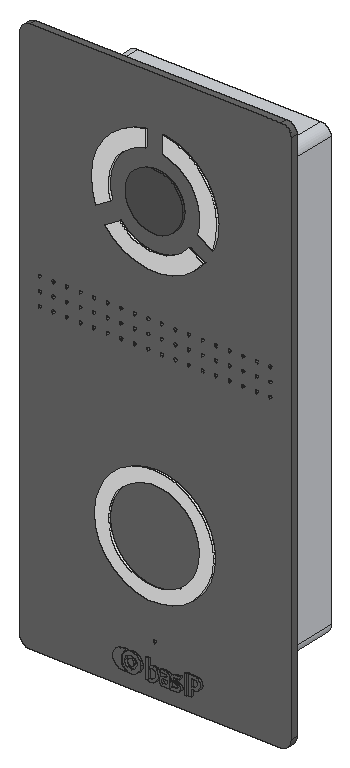
Revit family "BAS-IP_Вызывная панель_AV-04SDI", category Устройства связи, Revit 2019
Family settings
  Сохранять ориентацию аннотаций = Нет
  Размер круглого соединителя = Использовать диаметр
  Тип детали = Нормальный
  На основе рабочей плоскости = Нет
  Всегда вертикально = Да
  При загрузке вырезать с полостями = Нет
  Общий = Нет
  Точка расчета площади = Нет
Parameters (values of type "Черный")
  Цветовое решение = "Черный"
  Угол обзора камеры = "100° (по горизонтали)"
  УГО_Смещение_Y [instance] = 0 mm
  УГО_Смещение_X [instance] = 0 mm
  Тип установки = "Накладной монтаж. Накладка от солнца и дождя BR-AV04 (опционально)"
  Тип панели = "Индивидуальная"
  Температурный режим = "-40 – +65 °С"
  Разрешение = "2 Мп"
  Размер самой панели = "80 × 165 × 27 мм"
  Размер под установку = "84.5 × 170 × 33 мм"
  Потребление питания = "6,5 Вт, в режиме ожидания - 3,6 Вт"
  Питание = "IEEE 803.2af PoE, +12 В постоянного тока"
  Ночная подсветка = "6 светодиодов"
  Минимальная освещенность = "0,01 Люкс"
  Корпус = "Алюминий"
  Класс степени защиты = "IP65"
  Камера = "1/4”"
  Изготовитель = "BAS-IP"  # constant formula
  Зона обслуживания [instance] = no
  Дисплей = "Нет"
  Выходное видео = "HD (1280 × 720), H.264 Main Profile"
  IK-код = "IK07"
  ADSK_Размер_Смещение от уровня [instance] = 1000 mm
  ADSK_Примечание [instance] = ""
  ADSK_Позиция [instance] = ""
  ADSK_Наименование = "Накладная индивидуальная панель с возможностью подключения индукционной петли"
  ADSK_Материал = Black silver
  ADSK_Марка = "AV-04SDI Black"
  ADSK_Количество = 1  # constant formula
  ADSK_Код изделия = ""
  ADSK_Завод-изготовитель = "BAS-IP"  # constant formula
  ADSK_Единица измерения = "шт."  # constant formula
Types (2, lengths in mm): name | Цветовое решение | ADSK_Материал | ADSK_Марка
  Серебристый | "Серебристый" | Silver | "AV-04SDI Silver"
  Черный | "Черный" | Black silver | "AV-04SDI Black"
Reference planes
  plane 1 "По центру (Вперед/Назад)": y = 0
  plane 2: z = 0
  plane 3 "По центру (Влево/Вправо)": x = 0
  plane 4: z = 1000
  plane 5: z = 0
  plane 6: y = 0
  plane 7: x = 0
Forms (mm)
  Extrusion 1, solid, material "Black silver" <- "ADSK_Материал", detail levels medium+fine
    sketch origin (0, 0, 1000) x (1, 0, 0) y (0, 0, 1)
      loop
        line (-37, 0) -> (37, 0)
        arc (37, 0) -> (39.121, 0.879) -> (40, 3) r 3
        line (40, 3) -> (40, 162)
        arc (40, 162) -> (39.121, 164.121) -> (37, 165) r 3
        line (37, 165) -> (-37, 165)
        arc (-37, 165) -> (-39.121, 164.121) -> (-40, 162) r 3
        line (-40, 162) -> (-40, 3)
        arc (-40, 3) -> (-39.121, 0.879) -> (-37, 0) r 3
    from 0 to 2
  Extrusion 2, solid, detail levels medium+fine
    sketch origin (0, 0, 1000) x (1, 0, 0) y (0, 0, 1)
      loop
        arc (-27, 150) -> (-29.121, 149.121) -> (-30, 147) r 3
        line (-30, 147) -> (-30, 18)
        arc (-30, 18) -> (-29.121, 15.879) -> (-27, 15) r 3
        line (-27, 15) -> (27, 15)
        arc (27, 15) -> (29.121, 15.879) -> (30, 18) r 3
        line (30, 18) -> (30, 147)
        arc (30, 147) -> (29.121, 149.121) -> (27, 150) r 3
        line (27, 150) -> (-27, 150)
    from -25 to 0
  Extrusion 3, void, detail levels fine
    sketch origin (0, 0, 997.812) x (1, 0, 0) y (0, 0, 1)
      loop
        circle (0, 17.16) r 0.5
    from 1 to 2
  Extrusion 4, solid, material "Black", detail levels fine
    sketch origin (0, 0.5, 996.499) x (1, 0, 0) y (0, 0, 1)
      loop
        circle (0, 135.001) r 8.5
    from 2 to 3
  Extrusion 5, solid, material "White", detail levels fine
    sketch origin (0, 0.5, 995) x (1, 0, 0) y (0, 0, 1)
      loop
        arc (-2.5, 154.83) -> (-16.021, 145.75) -> (-17.125, 129.5) r 18.5
        line (-17.125, 129.5) -> (-12.739, 132.032)
        arc (-12.739, 132.032) -> (-11.691, 143.25) -> (-2.5, 149.766) r 13.5
        line (-2.5, 149.766) -> (-2.5, 154.83)
      loop
        arc (-14.625, 125.17) -> (0, 118) -> (14.625, 125.17) r 18.5
        line (14.625, 125.17) -> (10.239, 127.702)
        arc (10.239, 127.702) -> (0, 123) -> (-10.239, 127.702) r 13.5
        line (-10.239, 127.702) -> (-14.625, 125.17)
      loop
        line (2.5, 154.83) -> (2.5, 149.766)
        arc (2.5, 149.766) -> (11.691, 143.25) -> (12.739, 132.032) r 13.5
        line (12.739, 132.032) -> (17.125, 129.5)
        arc (17.125, 129.5) -> (16.021, 145.75) -> (2.5, 154.83) r 18.5
    from 2 to 3
  Extrusion 6, void, detail levels fine
    sketch origin (0, 0, 989.062) x (1, 0, 0) y (0, 0, 1)
      loop
        circle (-2, 110.476) r 0.5
      loop
        circle (-6, 110.476) r 0.5
      loop
        circle (-10, 110.476) r 0.5
      loop
        circle (2, 110.476) r 0.5
      loop
        circle (6, 110.476) r 0.5
      loop
        circle (10, 110.476) r 0.5
      loop
        circle (-2, 106.476) r 0.5
      loop
        circle (-6, 106.476) r 0.5
      loop
        circle (-10, 106.476) r 0.5
      loop
        circle (2, 106.476) r 0.5
      loop
        circle (6, 106.476) r 0.5
      loop
        circle (10, 106.476) r 0.5
      loop
        circle (-2, 102.476) r 0.5
      loop
        circle (-6, 102.476) r 0.5
      loop
        circle (-10, 102.476) r 0.5
      loop
        circle (2, 102.476) r 0.5
      loop
        circle (6, 102.476) r 0.5
      loop
        circle (10, 102.476) r 0.5
    from 0 to 2
  Extrusion 7, void, detail levels fine
    sketch origin (-23.971, 0, 989.062) x (1, 0, 0) y (0, 0, 1)
      loop
        circle (-2, 110.476) r 0.5
      loop
        circle (-6, 110.476) r 0.5
      loop
        circle (-10, 110.476) r 0.5
      loop
        circle (2, 110.476) r 0.5
      loop
        circle (6, 110.476) r 0.5
      loop
        circle (10, 110.476) r 0.5
      loop
        circle (-2, 106.476) r 0.5
      loop
        circle (-6, 106.476) r 0.5
      loop
        circle (-10, 106.476) r 0.5
      loop
        circle (2, 106.476) r 0.5
      loop
        circle (6, 106.476) r 0.5
      loop
        circle (10, 106.476) r 0.5
      loop
        circle (-2, 102.476) r 0.5
      loop
        circle (-6, 102.476) r 0.5
      loop
        circle (-10, 102.476) r 0.5
      loop
        circle (2, 102.476) r 0.5
      loop
        circle (6, 102.476) r 0.5
      loop
        circle (10, 102.476) r 0.5
      loop
        circle (49.941, 110.476) r 0.5
      loop
        circle (53.941, 110.476) r 0.5
      loop
        circle (57.941, 110.476) r 0.5
      loop
        circle (45.941, 110.476) r 0.5
      loop
        circle (41.941, 110.476) r 0.5
      loop
        circle (37.941, 110.476) r 0.5
      loop
        circle (49.941, 106.476) r 0.5
      loop
        circle (53.941, 106.476) r 0.5
      loop
        circle (57.941, 106.476) r 0.5
      loop
        circle (45.941, 106.476) r 0.5
      loop
        circle (41.941, 106.476) r 0.5
      loop
        circle (37.941, 106.476) r 0.5
      loop
        circle (49.941, 102.476) r 0.5
      loop
        circle (53.941, 102.476) r 0.5
      loop
        circle (57.941, 102.476) r 0.5
      loop
        circle (45.941, 102.476) r 0.5
      loop
        circle (41.941, 102.476) r 0.5
      loop
        circle (37.941, 102.476) r 0.5
    from 1 to 2
  Extrusion 8, solid, material "White", detail levels fine
    sketch origin (0, 0.5, 998.125) x (1, 0, 0) y (0, 0, 1)
      loop
        circle (0, 45.001) r 17.5
      loop
        circle (0, 45.001) r 13.5
    from 2 to 3
  Extrusion 9, solid, material "Black silver" <- "ADSK_Материал", not visible, detail levels medium+fine
    sketch origin (0, 0, 0) x (1, 0, 0) y (0, 0, 1)
      loop
        line (-37, 0) -> (37, 0)
        arc (37, 0) -> (39.121, 0.879) -> (40, 3) r 3
        line (40, 3) -> (40, 162)
        arc (40, 162) -> (39.121, 164.121) -> (37, 165) r 3
        line (37, 165) -> (-37, 165)
        arc (-37, 165) -> (-39.121, 164.121) -> (-40, 162) r 3
        line (-40, 162) -> (-40, 3)
        arc (-40, 3) -> (-39.121, 0.879) -> (-37, 0) r 3
    from 0 to 2
  Extrusion 10, solid, not visible, detail levels medium+fine
    sketch origin (0, 0, 0) x (1, 0, 0) y (0, 0, 1)
      loop
        arc (-27, 150) -> (-29.121, 149.121) -> (-30, 147) r 3
        line (-30, 147) -> (-30, 18)
        arc (-30, 18) -> (-29.121, 15.879) -> (-27, 15) r 3
        line (-27, 15) -> (27, 15)
        arc (27, 15) -> (29.121, 15.879) -> (30, 18) r 3
        line (30, 18) -> (30, 147)
        arc (30, 147) -> (29.121, 149.121) -> (27, 150) r 3
        line (27, 150) -> (-27, 150)
    from -25 to 0
  Extrusion 11, void, not visible, detail levels fine
    sketch origin (0, 0, -2.188) x (1, 0, 0) y (0, 0, 1)
      loop
        circle (0, 17.16) r 0.5
    from 1 to 2
  Extrusion 12, solid, material "Black", not visible, detail levels fine
    sketch origin (0, 0.5, -3.501) x (1, 0, 0) y (0, 0, 1)
      loop
        circle (0, 135.001) r 8.5
    from 2 to 3
  Extrusion 13, solid, material "White", not visible, detail levels fine
    sketch origin (0, 0.5, -5) x (1, 0, 0) y (0, 0, 1)
      loop
        arc (-2.5, 154.83) -> (-16.021, 145.75) -> (-17.125, 129.5) r 18.5
        line (-17.125, 129.5) -> (-12.739, 132.032)
        arc (-12.739, 132.032) -> (-11.691, 143.25) -> (-2.5, 149.766) r 13.5
        line (-2.5, 149.766) -> (-2.5, 154.83)
      loop
        arc (-14.625, 125.17) -> (0, 118) -> (14.625, 125.17) r 18.5
        line (14.625, 125.17) -> (10.239, 127.702)
        arc (10.239, 127.702) -> (0, 123) -> (-10.239, 127.702) r 13.5
        line (-10.239, 127.702) -> (-14.625, 125.17)
      loop
        line (2.5, 154.83) -> (2.5, 149.766)
        arc (2.5, 149.766) -> (11.691, 143.25) -> (12.739, 132.032) r 13.5
        line (12.739, 132.032) -> (17.125, 129.5)
        arc (17.125, 129.5) -> (16.021, 145.75) -> (2.5, 154.83) r 18.5
    from 2 to 3
  Extrusion 14, void, not visible, detail levels fine
    sketch origin (0, 0, -10.938) x (1, 0, 0) y (0, 0, 1)
      loop
        circle (-2, 110.476) r 0.5
      loop
        circle (-6, 110.476) r 0.5
      loop
        circle (-10, 110.476) r 0.5
      loop
        circle (2, 110.476) r 0.5
      loop
        circle (6, 110.476) r 0.5
      loop
        circle (10, 110.476) r 0.5
      loop
        circle (-2, 106.476) r 0.5
      loop
        circle (-6, 106.476) r 0.5
      loop
        circle (-10, 106.476) r 0.5
      loop
        circle (2, 106.476) r 0.5
      loop
        circle (6, 106.476) r 0.5
      loop
        circle (10, 106.476) r 0.5
      loop
        circle (-2, 102.476) r 0.5
      loop
        circle (-6, 102.476) r 0.5
      loop
        circle (-10, 102.476) r 0.5
      loop
        circle (2, 102.476) r 0.5
      loop
        circle (6, 102.476) r 0.5
      loop
        circle (10, 102.476) r 0.5
    from 0 to 2
  Extrusion 15, void, not visible, detail levels fine
    sketch origin (-23.971, 0, -10.938) x (1, 0, 0) y (0, 0, 1)
      loop
        circle (-2, 110.476) r 0.5
      loop
        circle (-6, 110.476) r 0.5
      loop
        circle (-10, 110.476) r 0.5
      loop
        circle (2, 110.476) r 0.5
      loop
        circle (6, 110.476) r 0.5
      loop
        circle (10, 110.476) r 0.5
      loop
        circle (-2, 106.476) r 0.5
      loop
        circle (-6, 106.476) r 0.5
      loop
        circle (-10, 106.476) r 0.5
      loop
        circle (2, 106.476) r 0.5
      loop
        circle (6, 106.476) r 0.5
      loop
        circle (10, 106.476) r 0.5
      loop
        circle (-2, 102.476) r 0.5
      loop
        circle (-6, 102.476) r 0.5
      loop
        circle (-10, 102.476) r 0.5
      loop
        circle (2, 102.476) r 0.5
      loop
        circle (6, 102.476) r 0.5
      loop
        circle (10, 102.476) r 0.5
      loop
        circle (49.941, 110.476) r 0.5
      loop
        circle (53.941, 110.476) r 0.5
      loop
        circle (57.941, 110.476) r 0.5
      loop
        circle (45.941, 110.476) r 0.5
      loop
        circle (41.941, 110.476) r 0.5
      loop
        circle (37.941, 110.476) r 0.5
      loop
        circle (49.941, 106.476) r 0.5
      loop
        circle (53.941, 106.476) r 0.5
      loop
        circle (57.941, 106.476) r 0.5
      loop
        circle (45.941, 106.476) r 0.5
      loop
        circle (41.941, 106.476) r 0.5
      loop
        circle (37.941, 106.476) r 0.5
      loop
        circle (49.941, 102.476) r 0.5
      loop
        circle (53.941, 102.476) r 0.5
      loop
        circle (57.941, 102.476) r 0.5
      loop
        circle (45.941, 102.476) r 0.5
      loop
        circle (41.941, 102.476) r 0.5
      loop
        circle (37.941, 102.476) r 0.5
    from 1 to 2
  Extrusion 16, solid, material "White", not visible, detail levels fine
    sketch origin (0, 0.5, -1.875) x (1, 0, 0) y (0, 0, 1)
      loop
        circle (0, 45.001) r 17.5
      loop
        circle (0, 45.001) r 13.5
    from 2 to 3
Cuts and joins
  Extrusion 3, Extrusion 6, Extrusion 7 cuts Extrusion 1
  Extrusion 3, Extrusion 6 cuts Extrusion 2
Dimensions and locks
  "ADSK_Размер_Смещение от уровня": plane 4 to plane 2
  "УГО_Смещение_X": plane 3 "По центру (Влево/Вправо)" to plane 7
  "УГО_Смещение_Y": plane 6 to plane 1 "По центру (Вперед/Назад)"
  aligned and locked: level to plane 2
  aligned and locked: cut or joined group of Extrusion 1, Extrusion 3, Extrusion 6, Extrusion 7 to plane 4
  aligned and locked: nested 5 to plane 6
  aligned and locked: plane 7 to nested 5
Automatic sketch dimensions
  Extrusion 1 sketch curve to plane 4 = 0 mm
  plane 4 to Extrusion 1 sketch curve = 162 mm
  Extrusion 1 sketch curve to Extrusion 1 sketch curve = 3 mm
  plane 4 to Extrusion 1 sketch curve = 3 mm  (x2)
  Extrusion 1 sketch curve to Extrusion 1 sketch curve = 74 mm  (x2)
  plane 4 to Extrusion 2 sketch curve = 18 mm
  Extrusion 2 sketch curve to Extrusion 2 sketch curve = 3 mm  (x3)
  Extrusion 2 sketch curve to Extrusion 2 sketch curve = 54 mm  (x2)
  Extrusion 2 sketch curve to Extrusion 2 sketch curve = 129 mm
  plane 4 to Extrusion 3 sketch curve = 14.973 mm
  plane 4 to Extrusion 4 sketch curve = 131.5 mm
  Extrusion 5 sketch curve to Extrusion 5 sketch curve = 0 mm  (x30)
  plane 4 to Extrusion 5 sketch curve = 124.5 mm  (x2)
  plane 4 to Extrusion 5 sketch curve = 120.17 mm  (x2)
  Extrusion 5 sketch curve to Extrusion 5 sketch curve = 2.5 mm  (x5)
  plane 4 to Extrusion 5 sketch curve = 127.032 mm  (x2)
  Extrusion 5 sketch curve to Extrusion 5 sketch curve = 4.385 mm
  plane 4 to Extrusion 5 sketch curve = 122.702 mm  (x2)
  Extrusion 5 sketch curve to Extrusion 5 sketch curve = 10.239 mm
  Extrusion 5 sketch curve to Extrusion 5 sketch curve = 5 mm
  Extrusion 5 sketch curve to Extrusion 5 sketch curve = 4.468 mm
  plane 4 to Extrusion 6 sketch curve = 95.539 mm
  Extrusion 6 sketch curve to Extrusion 6 sketch curve = 0 mm  (x14)
  Extrusion 6 sketch curve to Extrusion 6 sketch curve = 4 mm  (x20)
  plane 4 to Extrusion 7 sketch curve = 95.539 mm
  Extrusion 7 sketch curve to Extrusion 7 sketch curve = 0 mm  (x32)
  Extrusion 7 sketch curve to Extrusion 7 sketch curve = 4 mm  (x37)
  Extrusion 7 sketch curve to Extrusion 7 sketch curve = 27.941 mm
  Extrusion 8 sketch curve to Extrusion 8 sketch curve = 0 mm  (x2)
  plane 4 to Extrusion 8 sketch curve = 43.126 mm
  Extrusion 9 sketch curve to plane 5 = 0 mm
  plane 5 to Extrusion 9 sketch curve = 162 mm
  Extrusion 9 sketch curve to Extrusion 9 sketch curve = 3 mm
  plane 5 to Extrusion 9 sketch curve = 3 mm  (x2)
  Extrusion 9 sketch curve to Extrusion 9 sketch curve = 74 mm  (x2)
  plane 5 to Extrusion 10 sketch curve = 18 mm
  Extrusion 10 sketch curve to Extrusion 10 sketch curve = 3 mm  (x3)
  Extrusion 10 sketch curve to Extrusion 10 sketch curve = 54 mm  (x2)
  Extrusion 10 sketch curve to Extrusion 10 sketch curve = 129 mm
  plane 5 to Extrusion 11 sketch curve = 14.973 mm
  plane 5 to Extrusion 12 sketch curve = 131.5 mm
  Extrusion 13 sketch curve to Extrusion 13 sketch curve = 0 mm  (x30)
  plane 5 to Extrusion 13 sketch curve = 124.5 mm  (x2)
  plane 5 to Extrusion 13 sketch curve = 120.17 mm  (x2)
  Extrusion 13 sketch curve to Extrusion 13 sketch curve = 2.5 mm  (x5)
  plane 5 to Extrusion 13 sketch curve = 127.032 mm  (x2)
  Extrusion 13 sketch curve to Extrusion 13 sketch curve = 4.385 mm
  plane 5 to Extrusion 13 sketch curve = 122.702 mm  (x2)
  Extrusion 13 sketch curve to Extrusion 13 sketch curve = 10.239 mm
  Extrusion 13 sketch curve to Extrusion 13 sketch curve = 5 mm
  Extrusion 13 sketch curve to Extrusion 13 sketch curve = 4.468 mm
  plane 5 to Extrusion 14 sketch curve = 95.539 mm
  Extrusion 14 sketch curve to Extrusion 14 sketch curve = 0 mm  (x14)
  Extrusion 14 sketch curve to Extrusion 14 sketch curve = 4 mm  (x20)
  plane 5 to Extrusion 15 sketch curve = 95.539 mm
  Extrusion 15 sketch curve to Extrusion 15 sketch curve = 0 mm  (x32)
  Extrusion 15 sketch curve to Extrusion 15 sketch curve = 4 mm  (x37)
  Extrusion 15 sketch curve to Extrusion 15 sketch curve = 27.941 mm
  Extrusion 16 sketch curve to Extrusion 16 sketch curve = 0 mm  (x2)
  plane 5 to Extrusion 16 sketch curve = 43.126 mm
  radius of Extrusion 3 sketch curve = 0.5 mm
  radius of Extrusion 4 sketch curve = 8.5 mm
  radius of Extrusion 6 sketch curve = 0.5 mm  (x18)
  radius of Extrusion 7 sketch curve = 0.5 mm  (x36)
  radius of Extrusion 8 sketch curve = 17.5 mm
  radius of Extrusion 8 sketch curve = 13.5 mm
  radius of Extrusion 11 sketch curve = 0.5 mm
  radius of Extrusion 12 sketch curve = 8.5 mm
  radius of Extrusion 14 sketch curve = 0.5 mm  (x18)
  radius of Extrusion 15 sketch curve = 0.5 mm  (x36)
  radius of Extrusion 16 sketch curve = 17.5 mm
  radius of Extrusion 16 sketch curve = 13.5 mm
Nested families
  nested 1: "BAS-IP_Logo_S" at (1.25, -1.5, 1004.287), Материал <- "ADSK_Материал", type "BAS-IP_Logo_S", detail levels fine
    with Материал Black silver
  nested 2: "Зона обслуживания" at (0, 0, 950), visible <- "Зона обслуживания", type "Зона обслуживания", detail levels fine
    with ADSK_Размер_Ширина 180 mm, ADSK_Размер_Высота 265 mm
  nested 3: "BAS-IP_Logo_S" at (1.25, -1.5, 4.287), Материал <- "ADSK_Материал", type "BAS-IP_Logo_S", not visible, detail levels fine
    with Материал Black silver
  nested 4: "Зона обслуживания" at (0, 0, -50), visible <- "Зона обслуживания", type "Зона обслуживания", not visible, detail levels fine
    with ADSK_Размер_Ширина 180 mm, ADSK_Размер_Высота 265 mm
  nested 5: "УГО_Вызывная панель" at (0, 0, 0), type "УГО_Вызывная панель", detail levels coarse+medium
Connectors
  electrical at (0, 12.5, 1015)
    settings: on cut or joined group of Extrusion 2, Extrusion 3, Extrusion 6, index 1, voltage 0 V, apparent load 0 VA, apparent load phase1 0 VA, apparent load phase2 0 VA, apparent load phase3 0 VA, power factor 1, load classification "Прочее", number of poles 1, system type 12, power factor state 1, is connector primary yes, connector utility no, sub classification motor no, connector description ""
Definition of nested family "BAS-IP_Logo_S"
  Parameters (values of type "BAS-IP_Logo_S")
    Материал [instance] = none
  Reference planes
    plane 1 "По центру (Вперед/Назад)": y = 0
    plane 2: z = 0
    plane 3 "По центру (Влево/Вправо)": x = 0
  Forms (mm)
    Extrusion 1, solid, material <- "Материал"
      sketch origin (-6.577, 0, -7.331) x (1, 0, 0) y (0, 0, 1)
        loop
          circle (-1.452, 10.426) r 2.917
        loop
          circle (-1.452, 10.426) r 1.823
        loop
          circle (-1.452, 10.426) r 0.907
        loop
          line (2.897, 13.369) -> (2.897, 7.626)
          arc (2.897, 7.626) -> (4.378, 7.331) -> (5.829, 7.75) r 3.194
          arc (5.829, 7.75) -> (6.556, 9.353) -> (6.13, 11.061) r 2.674
          arc (6.13, 11.061) -> (4.872, 11.67) -> (3.741, 10.847) r 1.36
          line (3.741, 10.847) -> (3.741, 13.369) -> (2.897, 13.369)
        loop
          line (9.211, 9.975) -> (7.991, 9.975)
          arc (7.991, 9.975) -> (6.849, 8.828) -> (7.615, 7.403) r 1.358
          line (7.615, 7.403) -> (9.943, 7.403)
          spline (9.943, 7.403) -> (10.042, 8.877) -> (10.055, 9.915) -> (9.997, 10.601) -> (9.886, 11.019) -> (9.737, 11.256) -> (9.568, 11.394) -> (9.385, 11.5) -> (9.169, 11.588) -> (8.896, 11.659) -> (8.521, 11.71) -> (7.969, 11.725) -> (7.158, 11.687)
          line (7.158, 11.687) -> (7.158, 10.887) -> (8.571, 10.887)
          arc (8.571, 10.887) -> (9.157, 10.617) -> (9.211, 9.975) r 0.64
        loop
          line (9.25, 9.484) -> (8.048, 9.484)
          arc (8.048, 9.484) -> (7.606, 8.736) -> (8.048, 7.988) r 0.854
          line (8.048, 7.988) -> (9.25, 7.988) -> (9.25, 9.484)
        loop
          line (3.741, 10.21) -> (3.741, 7.988)
          spline (3.741, 7.988) -> (4.72, 8.077) -> (5.267, 8.31) -> (5.573, 8.641) -> (5.734, 9.045) -> (5.806, 9.508) -> (5.807, 9.99) -> (5.705, 10.408) -> (5.485, 10.703) -> (5.195, 10.895) -> (4.844, 10.985) -> (4.33, 10.884) -> (3.741, 10.21)
        loop
          spline (13.018, 11.649) -> (11.419, 11.695) -> (10.875, 11.521) -> (10.489, 11.179) -> (10.305, 10.688) -> (10.406, 10.198) -> (10.752, 9.835) -> (11.372, 9.476) -> (12.029, 9.086) -> (12.384, 8.702) -> (12.37, 8.376) -> (11.859, 8.127) -> (10.354, 8.165)
          line (10.354, 8.165) -> (10.284, 7.368)
          spline (10.284, 7.368) -> (11.866, 7.357) -> (12.634, 7.611) -> (13.056, 8.054) -> (13.185, 8.589) -> (13.044, 9.098) -> (12.719, 9.467) -> (12.225, 9.735) -> (11.625, 10.002) -> (11.161, 10.338) -> (11.097, 10.694) -> (11.676, 10.917) -> (12.949, 10.853)
          line (12.949, 10.853) -> (13.018, 11.649)
        loop
          line (14.214, 13.23) -> (14.214, 7.403) -> (15.003, 7.403) -> (15.003, 13.23) -> (14.214, 13.23)
        loop
          line (15.425, 13.23) -> (15.425, 7.403) -> (16.26, 7.403) -> (16.26, 9.541) -> (17.223, 9.541)
          arc (17.223, 9.541) -> (19.068, 11.385) -> (17.223, 13.23) r 1.844
          line (17.223, 13.23) -> (15.425, 13.23)
        loop
          line (16.26, 10.169) -> (17.186, 10.169)
          arc (17.186, 10.169) -> (18.222, 11.249) -> (17.419, 12.511) r 1.211
          line (17.419, 12.511) -> (16.26, 12.511) -> (16.26, 10.169)
      from 0 to 1
    Extrusion 2, solid, material <- "Материал"
      sketch origin (-0.313, 0, -1.028) x (1, 0, 0) y (0, 0, 1)
        loop
          arc (-8.967, 6.758) -> (-13.134, 4.123) -> (-8.967, 1.487) r 2.917
          arc (-8.967, 1.487) -> (-10.634, 4.123) -> (-8.967, 6.758) r 2.917
      from 0 to 1
  Dimensions and locks
    aligned and locked: level to plane 2
Definition of nested family "Зона обслуживания"
  Parameters (values of type "Семейство1")
    Зона обслуживания = none
    ADSK_Размер_Ширина = 200 mm
    ADSK_Размер_Глубина = 120 mm
    ADSK_Размер_Высота = 250 mm
  Reference planes
    plane 1 "По центру (Вперед/Назад)": y = 0
    plane 2: z = 0
    plane 3 "По центру (Влево/Вправо)": x = 0
  Forms (mm)
    Extrusion 1, solid, material <- "Зона обслуживания"
      sketch origin (0, 0, 0) x (1, 0, 0) y (0, 1, 0)
        loop
          line (-100, 0) -> (-100, -120) -> (100, -120) -> (100, 0) -> (-100, 0)
      from 0 to 250 <- "ADSK_Размер_Высота"
  Dimensions and locks
    "ADSK_Размер_Глубина": Extrusion 1 sketch curve to plane 1 "По центру (Вперед/Назад)"
    equal spacing: Extrusion 1 sketch curve, plane 3 "По центру (Влево/Вправо)", Extrusion 1 sketch curve
    "ADSK_Размер_Ширина": Extrusion 1 sketch curve to Extrusion 1 sketch curve
    aligned and locked: level to plane 2
  Automatic sketch dimensions
    plane 1 "По центру (Вперед/Назад)" to Extrusion 1 sketch curve = 0 mm
Definition of nested family "УГО_Вызывная панель"
  Reference planes
    plane 1: y = 0
    plane 2: x = 0
  Lines and regions (mm)
    detail lines
      curve 1: line (-2, 0, 0) -> (2, 0, 0)
      curve 2: line (-2.5, -6.5, 0) -> (-2.5, -0.5, 0)
      curve 3: line (2, -7, 0) -> (-2, -7, 0)
      curve 4: line (2.5, -0.5, 0) -> (2.5, -6.5, 0)
      curve 5: arc (2, 0, 0) -> (2.354, -0.146, 0) -> (2.5, -0.5, 0) r 0.5
      curve 6: arc (-2.5, -0.5, 0) -> (-2.354, -0.146, 0) -> (-2, 0, 0) r 0.5
      curve 7: arc (-2, -7, 0) -> (-2.354, -6.854, 0) -> (-2.5, -6.5, 0) r 0.5
      curve 8: arc (2.5, -6.5, 0) -> (2.354, -6.854, 0) -> (2, -7, 0) r 0.5
      curve 9: line (-1.5, -3.39, 0) -> (1.5, -3.39, 0)
      curve 10: line (-1.5, -5.79, 0) -> (-1.5, -3.39, 0)
      curve 11: line (1.5, -5.19, 0) -> (-1.5, -5.19, 0)
      curve 12: line (1.5, -3.39, 0) -> (1.5, -5.79, 0)
      curve 13: circle (0, -1.5, 0) r 0.6 normal (0, 0, 1)
      curve 14: line (-1.5, -3.99, 0) -> (1.5, -3.99, 0)
      curve 15: line (-1.5, -4.59, 0) -> (1.5, -4.59, 0)
      curve 16: line (-0.5, -5.79, 0) -> (-0.5, -3.39, 0)
      curve 17: line (0.5, -5.79, 0) -> (0.5, -3.39, 0)
      curve 18: line (1.5, -5.79, 0) -> (-1.5, -5.79, 0)
